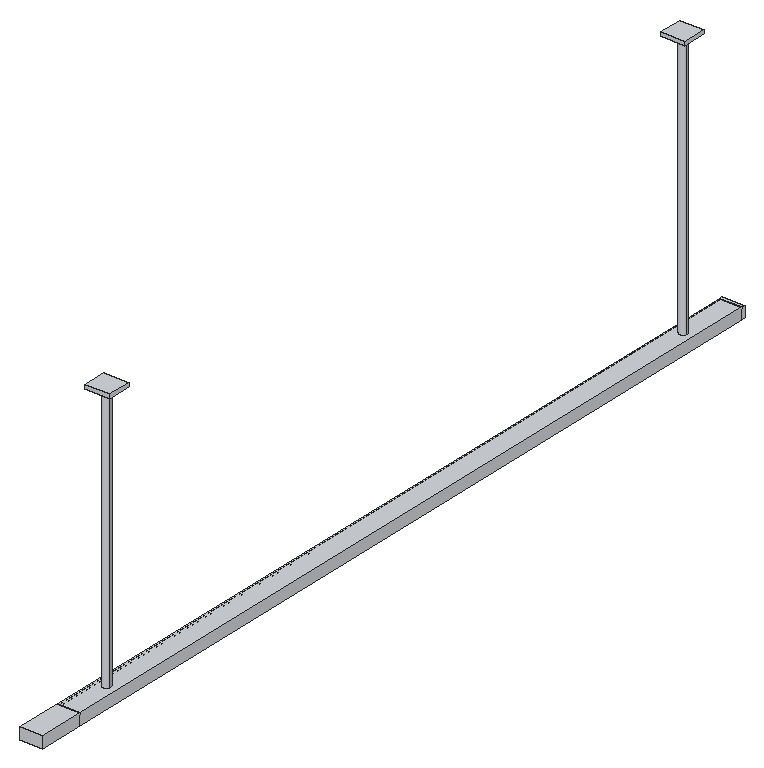
Revit family
Reference planes (in)
  plane 1 "Center (Front/Back)": y = 0
  plane 2: z = 0
  plane 3 "Center (Left/Right)": x = 0
  plane 4: z = -18
  plane 5: z = -18.75
  plane 6: z = -18.06
  plane 7: x = -0.69
  plane 8: x = 0.4
  plane 9: x = -0.4
  plane 10: z = -18.69
  plane 11: z = -18.69
  plane 12: x = 0.69
  plane 13: x = -0.75
  plane 14: x = -0.8
  plane 15: x = 0.8
  plane 16: y = 24
  plane 17: y = -23.125
  plane 18: y = -27.125
  plane 19: y = 28
  plane 20: y = -30.25
  plane 21: z = -0.25
Forms (in)
  Extrusion 1, solid
    sketch origin (-0.0254, 0, 0) x (1, 0, 0) y (0, 0, 1)
      loop
        line (-0.4, -18.69) -> (-0.69, -18.69) -> (-0.69, -18.06) -> (0.69, -18.06) -> (0.69, -18.69) -> (0.4, -18.69) -> (0.4, -18.75) -> (0.75, -18.75) -> (0.75, -18) -> (-0.75, -18) -> (-0.75, -18.75) -> (-0.4, -18.75) -> (-0.4, -18.69)
    from -28 to 27.125
  Extrusion 2, solid
    sketch origin (0, 0, 0) x (1, 0, 0) y (0, 0, 1)
      loop
        line (-0.4, -18.69) -> (-0.5178, -18.65331) -> (-0.5178, -18.61662) -> (-0.46101, -18.61662) -> (-0.46101, -18.57118) -> (-0.5746, -18.57118) -> (-0.5746, -18.51763) -> (-0.4, -18.51763) -> (-0.4, -18.45434) -> (-0.5746, -18.45434) -> (-0.5746, -18.3521) -> (-0.4, -18.3521) -> (-0.4, -18.28881) -> (-0.5746, -18.28881) -> (-0.5746, -18.20605) -> (-0.4, -18.20605) -> (-0.4, -18.12978) -> (-0.5746, -18.12978) -> (-0.5746, -18.06) -> (-0.69, -18.06) -> (-0.69, -18.69) -> (-0.4, -18.69)
    from -28 to 27.125
  Extrusion 3, solid
    sketch origin (0, 0, 0) x (-1, 0, 0) y (0, 0, -1)
      loop
        line (-0.4, 18.69) -> (-0.69, 18.69) -> (-0.69, 18.06) -> (-0.5746, 18.06) -> (-0.5746, 18.12978) -> (-0.4, 18.12978) -> (-0.4, 18.20605) -> (-0.5746, 18.20605) -> (-0.5746, 18.28881) -> (-0.4, 18.28881) -> (-0.4, 18.3521) -> (-0.5746, 18.3521) -> (-0.5746, 18.45434) -> (-0.4, 18.45434) -> (-0.4, 18.51763) -> (-0.5746, 18.51763) -> (-0.5746, 18.57118) -> (-0.46101, 18.57118) -> (-0.46101, 18.61662) -> (-0.5178, 18.61662) -> (-0.5178, 18.65331) -> (-0.4, 18.69)
    from -28 to 27.125
  Extrusion 4, solid
    sketch origin (0, 0, 0) x (1, 0, 0) y (0, 1, 0)
      loop
        line (-0.7754, -27.125) -> (-0.7754, -30.25) -> (0.7246, -30.25) -> (0.7246, -27.125) -> (-0.7754, -27.125)
    from -18.75 to -18
  Extrusion 5, solid
    sketch origin (0, 0, 0) x (1, 0, 0) y (0, 1, 0)
      loop
        line (-0.7754, 28.23) -> (-0.7754, 28) -> (0.7246, 28) -> (0.7246, 28.23) -> (-0.7754, 28.23)
    from -18.75 to -18
  Extrusion 6, solid
    sketch origin (0, -14.01101, 0) x (1, 0, 0) y (0, 1, 0)
      loop
        circle (0, -10) r 0.25
    from -18 to -0.25
  Extrusion 7, solid
    sketch origin (0, -13.96702, 0) x (1, 0, 0) y (0, 1, 0)
      loop
        line (-0.84224, -9.2) -> (-0.84224, -10.8) -> (0.8, -10.8) -> (0.8, -9.2) -> (-0.84224, -9.2)
    from -0.25 to 0
  Extrusion 8, solid
    sketch origin (0, 13.96702, 0) x (1, 0, 0) y (0, 1, 0)
      loop
        line (-0.84224, 9.2) -> (0.8, 9.2) -> (0.8, 10.8) -> (-0.84224, 10.8) -> (-0.84224, 9.2)
    from -0.25 to 0
  Extrusion 9, solid
    sketch origin (0, 14.01101, 0) x (1, 0, 0) y (0, 1, 0)
      loop
        circle (0, 10) r 0.25
    from -18 to -0.25
Lines and regions (in)
  reference lines
    curve 1: line (-0.5178, 0, -18.69) -> (-0.5178, 0, -18.61662)
    curve 2: line (-0.5178, 0, -18.61662) -> (-0.46101, 0, -18.61662)
    curve 3: line (-0.46101, 0, -18.61662) -> (-0.46101, 0, -18.57118)
    curve 4: line (-0.46101, 0, -18.57118) -> (-0.5746, 0, -18.57118)
    curve 5: line (-0.5746, 0, -18.57118) -> (-0.5746, 0, -18.51763)
    curve 6: line (-0.5746, 0, -18.51763) -> (-0.4, 0, -18.51763)
    curve 7: line (-0.4, 0, -18.51763) -> (-0.4, 0, -18.45434)
    curve 8: line (-0.4, 0, -18.45434) -> (-0.5746, 0, -18.45434)
    curve 9: line (-0.5746, 0, -18.45434) -> (-0.5746, 0, -18.3521)
    curve 10: line (-0.5746, 0, -18.3521) -> (-0.4, 0, -18.3521)
    curve 11: line (-0.4, 0, -18.3521) -> (-0.4, 0, -18.28881)
    curve 12: line (-0.4, 0, -18.28881) -> (-0.5746, 0, -18.28881)
    curve 13: line (-0.5746, 0, -18.28881) -> (-0.5746, 0, -18.20605)
    curve 14: line (-0.5746, 0, -18.20605) -> (-0.4, 0, -18.20605)
    curve 15: line (-0.4, 0, -18.20605) -> (-0.4, 0, -18.12978)
    curve 16: line (-0.4, 0, -18.12978) -> (-0.5746, 0, -18.12978)
    curve 17: line (-0.5746, 0, -18.12978) -> (-0.5746, 0, -18.06)
Dimensions and locks (in)
  aligned: Extrusion 6 to Extrusion 7
